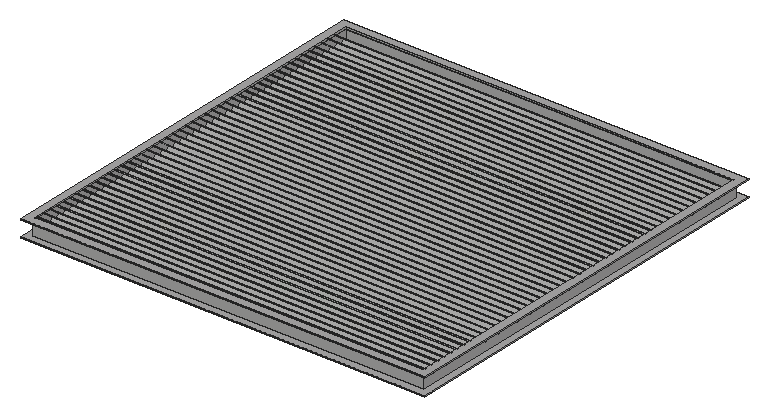
Revit family "Louver-Flanged_Frame-Carnes-Rectangular-Sight_Proof-FZKB", category Air Terminals, host Face, Revit 2012
Parameters (values of type "(See Type Catalog)")
  ecoScorecard_data = ""
  ecoScorecard Product Page = "http://ecoscorecard.com/"
  URL = "http://www.carnes.com/index.html"
  Symbol Blades Quantity [instance] = Louver Width / 3"  # 16
  Subcategory = "Louvers and Dampers"
  Specifications  URL = "http://www.carnes.com/Louvers/pdf/17138.pdf"
  Product Page URL = "http://www.carnes.com/louvers/FYKB-FZKB.htm"
  Product Line = "Sight Proof Louvers"
  Pressure Drop = 0.00 Pa
  Outside Width = Louver Width + 1" * 2  # 50"
  Outside Height = Louver Height + 1" * 2  # 50"
  Model = "FZKB"
  Minimum Size = "12\"W x 12\"H"
  Meets Building Code Standards = "Licensed to bear the AMCA seal"
  Maximum Vertical Size = "84\"W x 120\"H"
  Maximum Horinzontal Size = "120\"W x 84\"H"
  Manufacturer = "Carnes Company"
  Free Area Note = "See Spec Sheet URL"
  Free Area = 0.00 SF
  Description = "Sight Proof Louvers"
  Connector Description 1 = "Duct Connetor"
  Blades Quantity [instance] = (Louver Height - (Blade Offset from Frame - 1")) / 1"  # 47
  Manufacturer Phone = "608-845-6411"
  Manufacturer Fax = "608-845-6470"
  Manufacturer Email = "mailto:carnes@carnes.com"
  Manufacturer Address = "448 S. Main St., P. O. Box 930040, Verona, WI 53593-0040"
  Louver Width = 48"
  Louver Length = 2 41/256"  # constant formula
  Louver Height = 48"
  Blades Length [instance] = Louver Length - 1/2"  # 1 169/256"
  Frame Material = Aluminum - Carnes - Extruded
  Default Elevation = 48"
  Cost Info = "mailto:carnes@carnes.com"
  Catalog URL = "http://www.carnes.com/Louvers/pdf/f47.pdf"
  Blades Width [instance] = Outside Width - 1" * 2  # 48"
  Blade Offset from Frame [instance] = 2"
  Blade Material = Aluminum - Carnes - Extruded
  Assembly Code = "D3090700"
  Airflow = 0 CFM
  95 CSI = "10200"
  04 CSI = "08 91 00"
Reference planes (in)
  plane 1 "Center (Elevation)": y = 0
  plane 2: z = 0
  plane 3 "Center (Left/Right)": x = 0
  plane 4: z = -2.16016
  plane 5: z = -0.125
  plane 6: z = -2.03516
  plane 7: z = -1.08008
  plane 8: x = -24
  plane 9: x = 24
  plane 10: x = -25
  plane 11: x = 25
  plane 12: y = 24
  plane 13: y = -24
  plane 14: y = 25
  plane 15: y = -25
  plane 16 "Blade CL": y = 23
Forms (in)
  Extrusion 1, solid, material "Aluminum - Carnes - Extruded" <- "Frame Material"
    sketch origin (0, 0, 0) x (1, 0, 0) y (0, 1, 0)
      loop
        line (-25, 25) -> (-25, -25) -> (25, -25) -> (25, 25) -> (-25, 25)
      loop
        line (-24, 24) -> (-24, -24) -> (24, -24) -> (24, 24) -> (-24, 24)
    from -0.125 to 0
  Extrusion 2, solid, material "Aluminum - Carnes - Extruded" <- "Frame Material"
    sketch origin (0, 0, 0) x (1, 0, 0) y (0, 1, 0)
      loop
        line (-25, 25) -> (-25, -25) -> (25, -25) -> (25, 25) -> (-25, 25)
      loop
        line (-24, 24) -> (-24, -24) -> (24, -24) -> (24, 24) -> (-24, 24)
    from -2.16016 to -2.03516
  Extrusion 3, solid, material "Aluminum - Carnes - Extruded" <- "Frame Material"
    sketch origin (0, 0, 0) x (1, 0, 0) y (0, 1, 0)
      loop
        line (-24, 24) -> (-24, -24) -> (24, -24) -> (24, 24) -> (-24, 24)
      loop
        line (-24.125, 24.125) -> (-24.125, -24.125) -> (24.125, -24.125) -> (24.125, 24.125) -> (-24.125, 24.125)
    from -2.03516 to -0.125
Lines and regions (in)
  Masking region 1, detail levels medium+fine
    outline origin (0, 0, 0) x (1, 0, 0) y (0, 0, 1)
      loop
        line (25, 0) -> (-25, 0) -> (-25, -2.16016) -> (25, -2.16016) -> (25, 0)
  Masking region 2, detail levels medium+fine
    outline origin (0, 0, 0) x (1, 0, 0) y (0, 0, 1)
      loop
        line (24, 0) -> (24, -2.16016) -> (25, -2.16016) -> (25, -2.03516) -> (24.125, -2.03516) -> (24.125, -0.125) -> (25, -0.125) -> (25, 0) -> (24, 0)
      loop
        line (-24, 0) -> (-25, 0) -> (-25, -0.125) -> (-24.125, -0.125) -> (-24.125, -2.03516) -> (-25, -2.03516) -> (-25, -2.16016) -> (-24, -2.16016) -> (-24, 0)
  symbolic lines, detail levels fine
    curve 1: line (24, 0, -0.125) -> (-24, 0, -0.125)
    curve 2: line (24, 0, -2.03516) -> (-24, 0, -2.03516)
  symbolic lines
    curve 3: line (-24, 0, -0.125) -> (-23.5625, 0, -0.125)
    curve 4: line (-23.5625, 0, -0.125) -> (-22.42814, 0, -2.037)
    curve 5: line (-22.42814, 0, -2.037) -> (-21.99064, 0, -2.037)
    curve 6: line (21.99064, 0, -0.125) -> (22.42814, 0, -0.125)
    curve 7: line (22.42814, 0, -0.125) -> (23.5625, 0, -2.037)
    curve 8: line (23.5625, 0, -2.037) -> (24, 0, -2.037)
    curve 9: line (-20.93396, 0, -0.125) -> (-20.49646, 0, -0.125)
    curve 10: line (-20.49646, 0, -0.125) -> (-19.3621, 0, -2.037)
    curve 11: line (-19.3621, 0, -2.037) -> (-18.9246, 0, -2.037)
    curve 12: line (-17.86791, 0, -0.125) -> (-17.43041, 0, -0.125)
    curve 13: line (-17.43041, 0, -0.125) -> (-16.29605, 0, -2.037)
    curve 14: line (-16.29605, 0, -2.037) -> (-15.85855, 0, -2.037)
    curve 15: line (-14.80187, 0, -0.125) -> (-14.36437, 0, -0.125)
    curve 16: line (-14.36437, 0, -0.125) -> (-13.23001, 0, -2.037)
    curve 17: line (-13.23001, 0, -2.037) -> (-12.79251, 0, -2.037)
    curve 18: line (-11.73583, 0, -0.125) -> (-11.29833, 0, -0.125)
    curve 19: line (-11.29833, 0, -0.125) -> (-10.16397, 0, -2.037)
    curve 20: line (-10.16397, 0, -2.037) -> (-9.72647, 0, -2.037)
    curve 21: line (-8.66979, 0, -0.125) -> (-8.23229, 0, -0.125)
    curve 22: line (-8.23229, 0, -0.125) -> (-7.09793, 0, -2.037)
    curve 23: line (-7.09793, 0, -2.037) -> (-6.66043, 0, -2.037)
    curve 24: line (-5.60374, 0, -0.125) -> (-5.16624, 0, -0.125)
    curve 25: line (-5.16624, 0, -0.125) -> (-4.03188, 0, -2.037)
    curve 26: line (-4.03188, 0, -2.037) -> (-3.59438, 0, -2.037)
    curve 27: line (-2.5377, 0, -0.125) -> (-2.1002, 0, -0.125)
    curve 28: line (-2.1002, 0, -0.125) -> (-0.96584, 0, -2.037)
    curve 29: line (-0.96584, 0, -2.037) -> (-0.52834, 0, -2.037)
    curve 30: line (0.52834, 0, -0.125) -> (0.96584, 0, -0.125)
    curve 31: line (0.96584, 0, -0.125) -> (2.1002, 0, -2.037)
    curve 32: line (2.1002, 0, -2.037) -> (2.5377, 0, -2.037)
    curve 33: line (3.59438, 0, -0.125) -> (4.03188, 0, -0.125)
    curve 34: line (4.03188, 0, -0.125) -> (5.16624, 0, -2.037)
    curve 35: line (5.16624, 0, -2.037) -> (5.60374, 0, -2.037)
    curve 36: line (6.66043, 0, -0.125) -> (7.09793, 0, -0.125)
    curve 37: line (7.09793, 0, -0.125) -> (8.23229, 0, -2.037)
    curve 38: line (8.23229, 0, -2.037) -> (8.66979, 0, -2.037)
    curve 39: line (9.72647, 0, -0.125) -> (10.16397, 0, -0.125)
    curve 40: line (10.16397, 0, -0.125) -> (11.29833, 0, -2.037)
    curve 41: line (11.29833, 0, -2.037) -> (11.73583, 0, -2.037)
    curve 42: line (12.79251, 0, -0.125) -> (13.23001, 0, -0.125)
    curve 43: line (13.23001, 0, -0.125) -> (14.36437, 0, -2.037)
    curve 44: line (14.36437, 0, -2.037) -> (14.80187, 0, -2.037)
    curve 45: line (15.85855, 0, -0.125) -> (16.29605, 0, -0.125)
    curve 46: line (16.29605, 0, -0.125) -> (17.43041, 0, -2.037)
    curve 47: line (17.43041, 0, -2.037) -> (17.86791, 0, -2.037)
    curve 48: line (18.9246, 0, -0.125) -> (19.3621, 0, -0.125)
    curve 49: line (19.3621, 0, -0.125) -> (20.49646, 0, -2.037)
    curve 50: line (20.49646, 0, -2.037) -> (20.93396, 0, -2.037)
Dimensions and locks (in)
  equal spacing: plane 10, plane 3 "Center (Left/Right)", plane 11
  "Outside Width": plane 10 to plane 11
  equal spacing: plane 15, plane 1 "Center (Elevation)", plane 14
  "Outside Height": plane 15 to plane 14
  locked: plane 2 to plane 5 at 0.125
  locked: plane 6 to plane 4 at 0.125
  "Louver Length": plane 2 to plane 4
  equal spacing: plane 5, plane 7, plane 6
  "Blade Offset from Frame": plane 14 to plane 16 "Blade CL"
  locked: plane 10 to plane 8 at 1
  locked: plane 9 to plane 11 at 1
  locked: plane 14 to plane 12 at 1
  locked: plane 15 to plane 13 at 1
  locked: Extrusion 3 sketch curve to Extrusion 3 sketch curve at 0.125  (x4)
  curve 3 to plane 7 to curve 5 = 0.95508", 0.95692"
  equal spacing: group 1, group 3, group 4, group 5, group 6, group 7, group 8, group 20, group 21, group 22, group 23, group 24, group 61, group 62, group 63, group 2  (x3)
  equal spacing: group 9, group 10, group 11, group 12, group 13, group 14, group 15, group 16, group 17, group 18, group 19, group 25, group 26, group 27, group 28, group 29, group 30, group 31, group 32, group 33, group 34, group 35, group 36, group 37, group 38, group 39, group 40, group 41, group 42, group 43, group 44, group 45, group 46, group 47, group 48, group 49, group 50, group 51, group 52, group 53, group 54, group 55, group 56, group 57, group 58, group 59, group 60  (x2)
  equal spacing: group 60, group 59, group 58, group 57, group 56, group 55, group 54, group 53, group 52, group 51, group 50, group 49, group 48, group 47, group 46, group 45, group 44, group 43, group 42, group 41, group 40, group 39, group 38, group 37, group 36, group 35, group 34, group 33, group 32, group 31, group 30, group 29, group 28, group 27, group 26, group 25, group 19, group 18, group 17, group 16, group 15, group 14, group 13, group 12, group 11, group 10, group 9
  locked: nested 2 to nested 1 at 1
  locked: plane 9 to Masking region 2 sketch curve at 0.125
  locked: plane 8 to Masking region 2 sketch curve at 0.125
  aligned and locked: plane 2 to host face
  aligned and locked: host face to level
  aligned and locked: plane 10 to Extrusion 1 sketch curve
  aligned and locked: Extrusion 1 sketch curve to plane 14
  aligned and locked: plane 15 to Extrusion 1 sketch curve
  aligned and locked: plane 11 to Extrusion 1 sketch curve
  aligned and locked: plane 8 to Extrusion 1 sketch curve
  aligned and locked: Extrusion 1 sketch curve to plane 12
  aligned and locked: plane 13 to Extrusion 1 sketch curve
  aligned and locked: plane 9 to Extrusion 1 sketch curve
  aligned and locked: Extrusion 1 to plane 5
  aligned and locked: plane 2 to Extrusion 1
  aligned and locked: Extrusion 2 sketch curve to Extrusion 1  (x6)
  aligned and locked: Extrusion 1 to Extrusion 2 sketch curve  (x2)
  aligned and locked: plane 6 to Extrusion 2
  aligned and locked: Extrusion 2 to plane 4
  aligned and locked: plane 5 to Extrusion 3
  aligned and locked: Extrusion 3 to plane 6
  aligned and locked: plane 11 to Masking region 1 sketch curve
  aligned and locked: Masking region 1 sketch curve to plane 2
  aligned and locked: plane 4 to Masking region 1 sketch curve
  aligned and locked: plane 10 to Masking region 1 sketch curve
  aligned and locked: curve 1 to plane 5
  aligned and locked: curve 2 to plane 6
  aligned and locked: plane 8 to curve 1
  aligned and locked: plane 8 to curve 2
  aligned and locked: plane 9 to curve 1
  aligned and locked: plane 9 to curve 2
  aligned and locked: plane 8 to curve 3
  aligned and locked: plane 7 to nested 1
  aligned and locked: Extrusion 3 sketch curve to plane 12
  aligned and locked: plane 8 to Extrusion 3 sketch curve
  aligned and locked: Extrusion 3 sketch curve to plane 13
  aligned and locked: plane 9 to Extrusion 3 sketch curve
  aligned and locked: nested 1 to plane 16 "Blade CL"
  aligned and locked: plane 7 to nested 11
  aligned and locked: plane 9 to curve 8
  aligned and locked: curve 6 to plane 5
  aligned and locked: plane 11 to Masking region 2 sketch curve
  aligned and locked: Masking region 2 sketch curve to plane 11
  aligned and locked: Masking region 2 sketch curve to plane 4
  aligned and locked: Masking region 2 sketch curve to plane 9
  aligned and locked: Masking region 2 sketch curve to plane 2
  aligned and locked: plane 5 to Masking region 2 sketch curve
  aligned and locked: plane 6 to Masking region 2 sketch curve
  aligned and locked: Masking region 2 sketch curve to plane 10
  aligned and locked: plane 10 to Masking region 2 sketch curve
  aligned and locked: plane 8 to Masking region 2 sketch curve
  aligned and locked: plane 2 to Masking region 2 sketch curve
  aligned and locked: plane 4 to Masking region 2 sketch curve
  aligned and locked: Masking region 2 sketch curve to plane 5
  aligned and locked: Masking region 2 sketch curve to plane 6
Automatic sketch dimensions
  host sketch curve to host sketch curve = 124.28147"
  host sketch curve to host sketch curve = 173.35151"
Nested families (in)
  nested 1: "Louver_Blade-Carnes-Angled" at (0, 23, -1.08008), type "Standard"
    with Width 48"
  nested 2: "Louver_Blade-Carnes-Angled" at (0, 22, -1.08008), type "Standard"
    with Width 48"
  nested 3: "Louver_Blade-Carnes-Angled" at (0, 21, -1.08008), type "Standard"
    with Width 48"
  nested 4: "Louver_Blade-Carnes-Angled" at (0, 20, -1.08008), type "Standard"
    with Width 48"
  nested 5: "Louver_Blade-Carnes-Angled" at (0, 19, -1.08008), type "Standard"
    with Width 48"
  nested 6: "Louver_Blade-Carnes-Angled" at (0, 18, -1.08008), type "Standard"
    with Width 48"
  nested 7: "Louver_Blade-Carnes-Angled" at (0, 17, -1.08008), type "Standard"
    with Width 48"
  nested 8: "Louver_Blade-Carnes-Angled" at (0, 16, -1.08008), type "Standard"
    with Width 48"
  nested 9: "Louver_Blade-Carnes-Angled" at (0, 15, -1.08008), type "Standard"
    with Width 48"
  nested 10: "Louver_Blade-Carnes-Angled" at (0, 14, -1.08008), type "Standard"
    with Width 48"
  nested 11: "Louver_Blade-Carnes-Angled" at (0, 13, -1.08008), type "Standard"
    with Width 48"
  nested 12: "Louver_Blade-Carnes-Angled" at (0, 12, -1.08008), type "Standard"
    with Width 48"
  nested 13: "Louver_Blade-Carnes-Angled" at (0, 11, -1.08008), type "Standard"
    with Width 48"
  nested 14: "Louver_Blade-Carnes-Angled" at (0, 10, -1.08008), type "Standard"
    with Width 48"
  nested 15: "Louver_Blade-Carnes-Angled" at (0, 9, -1.08008), type "Standard"
    with Width 48"
  nested 16: "Louver_Blade-Carnes-Angled" at (0, 8, -1.08008), type "Standard"
    with Width 48"
  nested 17: "Louver_Blade-Carnes-Angled" at (0, 7, -1.08008), type "Standard"
    with Width 48"
  nested 18: "Louver_Blade-Carnes-Angled" at (0, 6, -1.08008), type "Standard"
    with Width 48"
  nested 19: "Louver_Blade-Carnes-Angled" at (0, 5, -1.08008), type "Standard"
    with Width 48"
  nested 20: "Louver_Blade-Carnes-Angled" at (0, 4, -1.08008), type "Standard"
    with Width 48"
  nested 21: "Louver_Blade-Carnes-Angled" at (0, 3, -1.08008), type "Standard"
    with Width 48"
  nested 22: "Louver_Blade-Carnes-Angled" at (0, 2, -1.08008), type "Standard"
    with Width 48"
  nested 23: "Louver_Blade-Carnes-Angled" at (0, 1, -1.08008), type "Standard"
    with Width 48"
  nested 24: "Louver_Blade-Carnes-Angled" at (0, 0, -1.08008), type "Standard"
    with Width 48"
  nested 25: "Louver_Blade-Carnes-Angled" at (0, -1, -1.08008), type "Standard"
    with Width 48"
  nested 26: "Louver_Blade-Carnes-Angled" at (0, -2, -1.08008), type "Standard"
    with Width 48"
  nested 27: "Louver_Blade-Carnes-Angled" at (0, -3, -1.08008), type "Standard"
    with Width 48"
  nested 28: "Louver_Blade-Carnes-Angled" at (0, -4, -1.08008), type "Standard"
    with Width 48"
  nested 29: "Louver_Blade-Carnes-Angled" at (0, -5, -1.08008), type "Standard"
    with Width 48"
  nested 30: "Louver_Blade-Carnes-Angled" at (0, -6, -1.08008), type "Standard"
    with Width 48"
  nested 31: "Louver_Blade-Carnes-Angled" at (0, -7, -1.08008), type "Standard"
    with Width 48"
  nested 32: "Louver_Blade-Carnes-Angled" at (0, -8, -1.08008), type "Standard"
    with Width 48"
  nested 33: "Louver_Blade-Carnes-Angled" at (0, -9, -1.08008), type "Standard"
    with Width 48"
  nested 34: "Louver_Blade-Carnes-Angled" at (0, -10, -1.08008), type "Standard"
    with Width 48"
  nested 35: "Louver_Blade-Carnes-Angled" at (0, -11, -1.08008), type "Standard"
    with Width 48"
  nested 36: "Louver_Blade-Carnes-Angled" at (0, -12, -1.08008), type "Standard"
    with Width 48"
  nested 37: "Louver_Blade-Carnes-Angled" at (0, -13, -1.08008), type "Standard"
    with Width 48"
  nested 38: "Louver_Blade-Carnes-Angled" at (0, -14, -1.08008), type "Standard"
    with Width 48"
  nested 39: "Louver_Blade-Carnes-Angled" at (0, -15, -1.08008), type "Standard"
    with Width 48"
  nested 40: "Louver_Blade-Carnes-Angled" at (0, -16, -1.08008), type "Standard"
    with Width 48"
  nested 41: "Louver_Blade-Carnes-Angled" at (0, -17, -1.08008), type "Standard"
    with Width 48"
  nested 42: "Louver_Blade-Carnes-Angled" at (0, -18, -1.08008), type "Standard"
    with Width 48"
  nested 43: "Louver_Blade-Carnes-Angled" at (0, -19, -1.08008), type "Standard"
    with Width 48"
  nested 44: "Louver_Blade-Carnes-Angled" at (0, -20, -1.08008), type "Standard"
    with Width 48"
  nested 45: "Louver_Blade-Carnes-Angled" at (0, -21, -1.08008), type "Standard"
    with Width 48"
  nested 46: "Louver_Blade-Carnes-Angled" at (0, -22, -1.08008), type "Standard"
    with Width 48"
  nested 47: "Louver_Blade-Carnes-Angled" at (0, -23, -1.08008), type "Standard"
    with Width 48"
Connectors (in)
  hvac at (0, 0, -2.16016), driven by "Connector Description 1", driven by "Airflow", driven by "Pressure Drop", driven by "Louver Height", driven by "Louver Width"
    settings: on Extrusion 2, index 1, duct flow 0 CFM, flow factor 0, pres drop 0.00 Pa, loss coef 0, conn angle 0.00°, conn width 48", conn height 48", conn radius 12", duct sys type 29, conn prof type 1, flow config 0, flow direction 0, loss method 4, conn ref index -1, conn util no, is conn primary yes, conn desc "Duct Connetor"
Definition of nested family "Louver_Blade-Carnes-Angled"
  Parameters (values of type "Standard")
    Width = 24"
    Blade Material = Aluminum - Carnes - Extruded
    Length = 2"
    Assembly Code = ""
  Reference planes (in)
    plane 1 "Center (Front/Back)": y = 0
    plane 2: z = 0
    plane 3 "Center (Left/Right)": x = 0
    plane 4: y = 0.725
    plane 5: y = -0.725
    plane 6: z = 1
    plane 7: z = -1
    plane 8: x = -12
    plane 9: x = 12
  Forms (in)
    Sweep 1, solid, material "Aluminum - Carnes - Extruded" <- "Blade Material"
      path origin (0, 0, 0) x (1, 0, 0) y (0, 1, 0)
        loop
          line (-12, 0) -> (12, 0)
      profile origin (0, 0, 0) x (0, 1, 0) y (0, 0, 1)
        loop
          line (-0.725, 1) -> (0.62131, 0) -> (-0.725, -1) -> (-0.62018, -1) -> (0.72612, 0) -> (-0.62018, 1) -> (-0.725, 1)
  Dimensions and locks (in)
    equal spacing: plane 7, plane 2, plane 6
    "Length": plane 7 to plane 6
    equal spacing: plane 8, plane 3 "Center (Left/Right)", plane 9
    "Width": plane 8 to plane 9
    equal spacing: plane 4, plane 1 "Center (Front/Back)", plane 5
    locked: plane 4 to plane 5 at 1.45
    aligned and locked: plane 1 "Center (Front/Back)" to Sweep 1 sketch curve
    aligned and locked: plane 8 to Sweep 1 sketch curve
    aligned and locked: plane 9 to Sweep 1 sketch curve
    aligned and locked: plane 7 to Sweep 1 sketch curve
    aligned and locked: Sweep 1 sketch curve to plane 6
    aligned and locked: plane 5 to Sweep 1 sketch curve  (x2)
  Automatic sketch dimensions
    Sweep 1 sketch curve to Sweep 1 sketch curve = 0.10482"  (x3)
    Sweep 1 sketch curve to Sweep 1 sketch curve = 1.24149"
    Sweep 1 sketch curve to Sweep 1 sketch curve = 1"
    Sweep 1 sketch curve to Sweep 1 sketch curve = 0"
